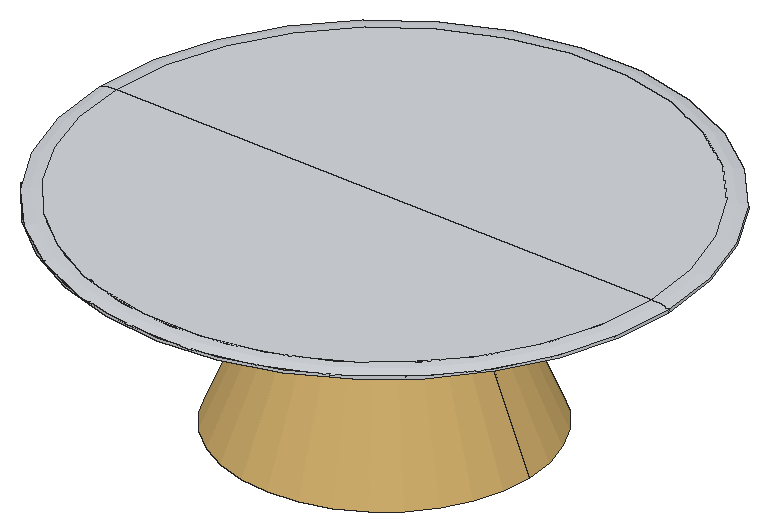
Revit family "Bernhardt-Design_Occasional_Table_Albany", category Furniture, Revit 2021
Family settings
  OmniClass Number = 23.40.20.00
  OmniClass Title = General Furniture and Specialties
  Work Plane-Based = No
  Always vertical = Yes
  Cut with Voids When Loaded = No
  Shared = No
  Room Calculation Point = No
Parameters (values of type "Albany - ALS-A42 - 42" Wood - Brass")
  URL = "http://www.bernhardtdesign.com"
  Tabletop radius = 21.000"
  Tabletop Wood [instance] = none
  Tabletop bottom = Table height - 0.874"  # 14.173"
  Tabletop Glass = Etched Grey Glass
  Table height = 15.047"
  Table Wood = yes
  Table Mount radius = 11.811"
  Table Glass = no
  SKU = "ALS-A42"
  Model = "Albany"  # constant formula
  Manufacturer = "Bernhardt Design"  # constant formula
  Glass top = Tabletop bottom + 0.39453"  # 14.56753"
  Default Elevation = 0.000"
  Copyright © = "Copyright © Bernhardt Design"  # constant formula
  Catalog = SKU  # "ALS-A42"
  Base Finish = Brass - Brushed PVD
  Base top radius = 4.731"
  Base height = Table height - 1.071"  # 13.976"
  Base bottom radius = 10.728"
  Authoring Version = "Autodesk Revit 2016"  # constant formula
Types (10): name | Tabletop radius | Tabletop bottom | Table height | Table Wood | Table Mount radius | Table Glass | SKU | Glass top | Catalog | Base Finish | Base top radius | Base height | Base bottom radius
  (no name) | 21.000" | 14.173" | 15.047" | yes | 11.811" | no | "ALS-A42" | 14.56753" | "ALS-A42" | Brass - Brushed PVD | 4.731" | 13.976" | 10.728"
  Albany - ALS-A17 - 17" Glass - Graphite | 8.500" | 17.126" | 18.000" | no | 5.51181" | yes | "ALS-A17" | 17.52053" | "ALS-A17" | Graphite - Brushed | 1.2815" | 16.929" | 5.90551"
  Albany - ALS-A17 - 17" Wood - Graphite | 8.500" | 17.126" | 18.000" | yes | 5.51181" | no | "ALS-A17" | 17.52053" | "ALS-A17" | Graphite - Brushed | 1.2815" | 16.929" | 5.90551"
  Albany - ALS-A17 - 17" Wood - Brass | 8.500" | 17.126" | 18.000" | yes | 5.51181" | no | "ALS-A17" | 17.52053" | "ALS-A17" | Brass - Brushed PVD | 1.2815" | 16.929" | 5.90551"
  Albany - ALS-A21 - 21" Glass - Graphite | 10.500" | 17.126" | 18.000" | no | 6.693" | yes | "ALS-A21" | 17.52053" | "ALS-A21" | Graphite - Brushed | 2.184" | 16.929" | 7.480"
  Albany - ALS-A21 - 21" Wood - Graphite | 10.500" | 17.126" | 18.000" | yes | 6.693" | no | "ALS-A21" | 17.52053" | "ALS-A21" | Graphite - Brushed | 2.184" | 16.929" | 7.480"
  Albany - ALS-A21 - 21" Wood - Brass | 10.500" | 17.126" | 18.000" | yes | 6.693" | no | "ALS-A21" | 17.52053" | "ALS-A21" | Brass - Brushed PVD | 2.184" | 16.929" | 7.480"
  Albany - ALS-A42 - 42" Glass - Graphite | 21.000" | 14.173" | 15.047" | no | 11.811" | yes | "ALS-A42" | 14.56753" | "ALS-A42" | Graphite - Brushed | 4.731" | 13.976" | 10.728"
  Albany - ALS-A42 - 42" Wood - Graphite | 21.000" | 14.173" | 15.047" | yes | 11.811" | no | "ALS-A42" | 14.56753" | "ALS-A42" | Graphite - Brushed | 4.731" | 13.976" | 10.728"
  Albany - ALS-A42 - 42" Wood - Brass | 21.000" | 14.173" | 15.047" | yes | 11.811" | no | "ALS-A42" | 14.56753" | "ALS-A42" | Brass - Brushed PVD | 4.731" | 13.976" | 10.728"
Reference planes (in)
  plane 1 "Center Front/Back": y = 0
  plane 2: z = 0
  plane 3 "Center Left/Right": x = 0
Forms (in)
  Blend 1, solid, material "Brass - Brushed PVD" <- "Base Finish"
    base sketch origin (0, 0, 0) x (1, 0, 0) y (0, 1, 0)
      loop
        circle (0, 0) r 10.728
    top sketch origin (0, 0, 0) x (1, 0, 0) y (0, 1, 0)
      loop
        circle (0, 0) r 4.731
    from 0 to 13.976 <- "Base height"
  Extrusion 2, solid, material "Brass - Brushed PVD" <- "Base Finish"
    sketch origin (0, 0, 0) x (1, 0, 0) y (0, 1, 0)
      loop
        circle (0, 0) r 11.811
    from 13.976 <- "Base height" to 14.173 <- "Tabletop bottom"
  Extrusion 3, solid, material "Etched Grey Glass" <- "Tabletop Glass", visible <- "Table Glass"
    sketch origin (0, 0, 0) x (1, 0, 0) y (0, 1, 0)
      loop
        circle (0, 0) r 21
    from 14.173 <- "Tabletop bottom" to 14.56753 <- "Glass top"
Dimensions and locks (in)
  "Base height": Blend 1 to Blend 1
  "Tabletop bottom": nested 1 to level
  "Base top radius": radius of Blend 1 sketch curve
  "Base bottom radius": radius of Blend 1 sketch curve
  "Table Mount radius": radius of Extrusion 2 sketch curve
  "Tabletop radius": radius of Extrusion 3 sketch curve
  aligned and locked: level to plane 2
Automatic sketch dimensions
  plane 1 "Center Front/Back" to Blend 1 sketch curve = 0.000"  (x2)
  Blend 1 sketch curve to plane 3 "Center Left/Right" = 0.000"  (x2)
  plane 1 "Center Front/Back" to Extrusion 2 sketch curve = 0.000"
  Extrusion 2 sketch curve to plane 3 "Center Left/Right" = 0.000"
  plane 1 "Center Front/Back" to Extrusion 3 sketch curve = 0.000"
  Extrusion 3 sketch curve to plane 3 "Center Left/Right" = 0.000"
Nested families (in)
  nested 1: "woodTop" at (0, 0, -2.95299), Tabletop Wood <- "Tabletop Wood", Tabletop Wood radius <- "Tabletop radius", visible <- "Table Wood", type "woodTop"
    with Tabletop Wood radius 21.000", Tabletop Wood none
Definition of nested family "woodTop"
  Parameters (values of type "woodTop")
    URL = "http://www.bernhardtdesign.com"
    Tabletop Wood radius [instance] = 8.500"
    Tabletop Wood [instance] = none
    SKU = ""
    Model = "Albany"  # constant formula
    Manufacturer = "Bernhardt Design"  # constant formula
    Default Elevation = 0.000"
    Copyright © = "Copyright © Bernhardt Design"  # constant formula
    Catalog = SKU  # ""
    Authoring Version = "Autodesk Revit 2016"  # constant formula
  Reference planes (in)
    plane 1 "Center Front/Back": y = 0
    plane 2: z = 0
    plane 3 "Center Left/Right": x = 0
  Forms (in)
    Revolve 1, solid, material <- "Tabletop Wood"
      sketch origin (0, 0, 0) x (1, 0, 0) y (0, 0, 1)
        loop
          line (-8.5, 17.66996) -> (-8.5, 17.48435) -> (-7.56642, 17.12599) -> (0, 17.12599) -> (0, 17.91437) -> (-7.24485, 17.91437)
          arc (-7.24485, 17.91437) -> (-7.88232, 17.84301) -> (-8.5, 17.66996) r 3.97167
        axis (0, 17.91437) -> (0, 17.12599)
      angle from 0 to 360
  Dimensions and locks (in)
    "Tabletop Wood radius": Revolve 1 sketch curve to Revolve 1 sketch curve
    aligned and locked: level to plane 2
  Automatic sketch dimensions
    Revolve 1 sketch curve to plane 3 "Center Left/Right" = 0.000"  (x2)
    Revolve 1 sketch curve to Revolve 1 sketch curve = 0.93358"
    Revolve 1 sketch curve to Revolve 1 sketch curve = 0.32157"
    Revolve 1 sketch curve to Revolve 1 sketch curve = 0.44324"
    level to Revolve 1 sketch curve = 13.94457"
    Revolve 1 sketch curve to Revolve 1 sketch curve = 3.18142"
    Revolve 1 sketch curve to Revolve 1 sketch curve = 0.35837"
    Revolve 1 sketch curve to Revolve 1 sketch curve = 0.1856"
    Revolve 1 sketch curve to level = 24.000"
    Revolve 1 sketch curve to Revolve 1 sketch curve = 77.41747"
